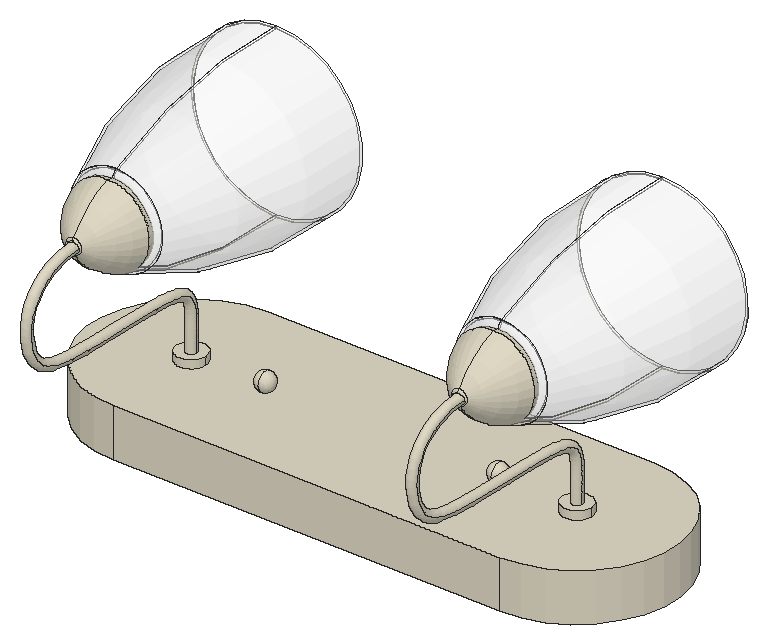
Revit family "P2707-09 2-100W MED BATH BRACKET", category Lighting Fixtures, host Face, Revit 2012
Parameters (values of type "P2707-09 2-100W MED BATH BRACKET")
  Wattage Comments = "13 W"  # constant formula
  URL = "http://www.progresslighting.com/"
  Product Page URL = "http://www.progresslighting.com/products.aspx?product=P2707-09"
  Product Documentation Link = "http://www.progresslighting.com/SpecSheets/P2707.pdf"
  Mounting = "Wall Mount"  # constant formula
  Model = "P2707-09"  # constant formula
  Manufacturer Phone = "864-678-1000"  # constant formula
  Manufacturer Fax = "864-678-1000"  # constant formula
  Manufacturer = "Progress Lighting"  # constant formula
  Lamp = "Two"  # constant formula
  Glass = Ethed Glass Shade
  Description = "Two-light bath"  # constant formula
  Default Elevation = 48"
  Back Plate = Plated Brushed Nickel
Reference planes (in)
  plane 1 "Center (Front/Back)": y = 0
  plane 2: z = 0
  plane 3 "Center (Left/Right)": x = 0
  plane 4: x = -6
  plane 5: x = 6
  plane 6: y = 2
  plane 7: y = -1.992
  plane 8: z = 1
Forms (in)
  Extrusion 1, solid, material "Plated Brushed Nickel" <- "Back Plate"
    sketch origin (0, 0.53536, 0) x (1, 0, 0) y (0, 1, 0)
      loop
        arc (-4.00504, 1.46464) -> (-6.00104, -0.53136) -> (-4.00504, -2.52735) r 1.996
        line (-4.00504, -2.52735) -> (4.00561, -2.52735)
        arc (4.00561, -2.52735) -> (6.00161, -0.53136) -> (4.00561, 1.46464) r 1.996
        line (4.00561, 1.46464) -> (-4.00504, 1.46464)
    from 0 to 1
  Revolve 2, solid, material "Plated Brushed Nickel" <- "Back Plate"
    sketch origin (-2.41708, -180.03683, 0.97298) x (0, 0, -1) y (0, 1, 0)
      loop
        arc (0, 180) -> (-0.1875, 180.1875) -> (-0.375, 180) r 0.1875
        line (-0.375, 180) -> (0, 180)
      axis (-0.375, 180) -> (0, 180)
    angle from 0 to 360
  Revolve 3, solid, material "Plated Brushed Nickel" <- "Back Plate"
    sketch origin (2.41708, -180.03683, 0.97298) x (0, 0, -1) y (0, -1, 0)
      loop
        line (0, -180) -> (-0.375, -180)
        arc (-0.375, -180) -> (-0.1875, -180.1875) -> (0, -180) r 0.1875
      axis (-0.375, -180) -> (0, -180)
    angle from 0 to 360
Dimensions and locks (in)
  locked: plane 4 to plane 3 "Center (Left/Right)" at 6
  locked: plane 5 to plane 3 "Center (Left/Right)" at 6
  plane 6 to plane 1 "Center (Front/Back)" = 2"
  plane 4 to plane 3 "Center (Left/Right)" = 6"
  locked: plane 8 to plane 2 at 1
  Extrusion 1 sketch curve to plane 4 = 1.99496"
  Extrusion 1 sketch curve to plane 1 "Center (Front/Back)" = 2"
  Extrusion 1 sketch curve to Extrusion 1 sketch curve = 8.01065"  (x2)
  plane 7 to Extrusion 1 sketch curve = 3.992"
  plane 1 "Center (Front/Back)" to Extrusion 1 = 2"  (x2)
  locked: plane 1 "Center (Front/Back)" to Extrusion 1 at 2
  locked: nested 1 to plane 3 "Center (Left/Right)" at 4  (x3)
  locked: nested 2 to plane 5 at 2  (x2)
  locked: nested 1 to plane 4 at 2
  plane 5 to nested 2 = 2"
  locked: plane 6 to Extrusion 1 sketch curve at 3.992
  locked: plane 1 "Center (Front/Back)" to nested 2 at 1.0582
  plane 1 "Center (Front/Back)" to nested 1 = 1.0582"
  nested 2 to plane 5 = 2"
  locked: nested 1 to plane 1 "Center (Front/Back)" at 1.0582
  locked: nested 2 to plane 1 "Center (Front/Back)" at 1.0582
  radius of Extrusion 1 sketch curve = 1.996"  (x2)
  aligned and locked: plane 2 to host face
  aligned and locked: level to host face
  aligned and locked: plane 8 to Extrusion 1
  aligned and locked: Extrusion 1 to host face
  aligned and locked: plane 6 to Extrusion 1 sketch curve
  aligned and locked: plane 7 to Extrusion 1 sketch curve
Nested families (in)
  nested 1: "P2706" at (-4, -1.0582, 1), type "P2706"
  nested 2: "P2706" at (4, -1.0582, 1), type "P2706"
Connectors (in)
  electrical at (0, 0.53536, 0)
    settings: on Extrusion 1, index 1, voltage 0 V, apparent load 0 VA, apparent load phase1 0 VA, apparent load phase2 0 VA, apparent load phase3 0 VA, power factor 1, load classification "Other", number of poles 1, system type 31, power factor state 1, is connector primary yes, connector utility no, sub classification motor no, connector description ""
Definition of nested family "P2706"
  Parameters (values of type "P2706")
    Wattage = 9.2903 W
    built-in parameter 1150110 = 1 (stored number, unit not read)
    built-in parameter 1114217 = 1 (stored number, unit not read)
    built-in parameter 1150109 = 1 (stored number, unit not read)
    built-in parameter 1150134 = 3
    built-in parameter 1150113 = 1 (stored number, unit not read)
    built-in parameter 1150105 = 109.82 (stored number, unit not read)
    Lumens = 1380 lm
    built-in parameter 1150115 = 1 (stored number, unit not read)
    Light Source Symbol Size = 3"
    built-in parameter 1150137 = (empty or 0)
    built-in parameter 1150139 = (empty or 0)
    built-in parameter 1150112 = 1 (stored number, unit not read)
    built-in parameter 1150114 = 1 (stored number, unit not read)
    built-in parameter 1150132 = (empty or 0)
    built-in parameter 1150102 = (empty or 0)
    built-in parameter 1150107 = 3200 (stored number, unit not read)
    built-in parameter 1150138 = (empty or 0)
    built-in parameter 1150106 = 1.0982 (stored number, unit not read)
    Glass = Ethed Glass Shade
    built-in parameter 1150104 = 13.8 (stored number, unit not read)
    Dimming Lamp Color Temperature Shift = (empty or 0)
    Default Elevation = 48"
    Color Filter = 16777215
    built-in parameter 1114218 = 1 (stored number, unit not read)
    Back Plate = none
    built-in parameter 1150133 = 10 (stored number, unit not read)
  Reference planes (in)
    plane 1 "Center (Front/Back)": y = 0
    plane 2: z = -1.32579
    plane 3 "Center (Left/Right)": x = 0
    plane 4: z = 5.17421
    plane 5: z = 1.83809
    plane 6: y = -0.97098
    plane 7: z = 5.16387
    plane 8: z = 3.42421
  Forms (in)
    Extrusion 1, solid
      sketch origin (0, 0, 0) x (1, 0, 0) y (0, 1, 0)
        loop
          line (-48, 48) -> (-48, -48) -> (48, -48) -> (48, 48) -> (-48, 48)
      from -1.32579 to -12
    Extrusion 2, solid, material <- "Back Plate"
      sketch origin (0, 0.05805, 0) x (-1, 0, 0) y (0, -1, 0)
        loop
          circle (-0.01972, -0.99512) r 0.3
      from 0 to 0.16387
    Sweep 3, solid, material <- "Back Plate"
      path origin (0, 0.1246, 0) x (0, -1, 0) y (0, 0, 1)
        loop
          spline (-0.92936, 0.16387) -> (-0.9305, 0.83136) -> (-0.73341, 1.28118) -> (-0.14975, 1.40768) -> (0.57246, 1.42309) -> (1.27196, 1.42516) -> (1.8772, 1.42987) -> (2.42911, 1.46258) -> (2.93419, 1.60051) -> (3.27733, 2.01163) -> (3.31266, 2.65062) -> (2.88802, 3.20254) -> (2.09345, 3.42421)
      profile origin (0, -1.7526, 1.42987) x (0, 0.024605, 0.999697) y (-1, 0, 0)
        loop
          circle (0, -0.02216) r 0.10287
    Revolve 4, solid, material "Ethed Glass Shade" <- "Glass"
      sketch origin (0, -0.12045, -1.32579) x (0, -1, 0) y (0, 0, 1)
        loop
          arc (-3.42574, 2.96847) -> (-1.28591, 3.09533) -> (0.74175, 3.79073) r 7.92917
          arc (0.74175, 3.79073) -> (0.82115, 3.86355) -> (0.85053, 3.96719) r 0.19752
          line (0.85053, 3.96719) -> (0.85053, 4.75) -> (0.80053, 4.75) -> (0.80053, 3.96826)
          arc (0.80053, 3.96826) -> (0.77833, 3.88993) -> (0.71832, 3.83491) r 0.14926
          arc (0.71832, 3.83491) -> (-1.298, 3.14391) -> (-3.42574, 3.01862) r 7.87917
          line (-3.42574, 3.01862) -> (-3.42574, 2.96847)
        axis (0.85053, 4.75) -> (-3.42574, 4.75)
      angle from 0 to 360
    Revolve 5, solid, material <- "Back Plate"
      sketch origin (0, -0.10456, 0) x (0, -1, 0) y (0, 0, 1)
        loop
          line (1.9006, 3.42421) -> (0.86641, 3.42421) -> (0.86641, 2.59003) -> (0.97372, 2.571)
          arc (0.97372, 2.571) -> (1.47824, 2.84497) -> (1.86429, 3.2699) r 1.71757
          arc (1.86429, 3.2699) -> (1.89041, 3.28636) -> (1.9006, 3.3155) r 0.04679
          line (1.9006, 3.3155) -> (1.9006, 3.42421)
        axis (1.9006, 3.42421) -> (0.86641, 3.42421)
      angle from 0 to 360
  Lines and regions (in)
    model lines
      curve 1: line (0, -2.00516, 3.42463) -> (0, -2.00516, 3.3155)
      curve 2: arc (0, -2.00516, 3.3155) -> (0, -2.01535, 3.28636) -> (0, -2.04147, 3.2699) r 0.04679
  Dimensions and locks (in)
    plane 5 to plane 4 = 3.33613"
    Extrusion 1 to plane 4 = 6.5"
    radius of Extrusion 2 sketch curve = 0.3"
    aligned and locked: plane 2 to Extrusion 1
    aligned and locked: Extrusion 2 to level
    aligned and locked: plane 3 "Center (Left/Right)" to imposter light
    aligned and locked: plane 6 to Revolve 4 sketch curve
    aligned and locked: plane 8 to Sweep 3
    aligned and locked: Revolve 5 sketch curve to curve 1
    aligned and locked: Revolve 5 sketch curve to plane 8
    aligned and locked: Revolve 5 sketch curve to Revolve 5 sketch curve
    aligned and locked: plane 8 to Sweep 3 sketch curve
    aligned and locked: Sweep 3 sketch curve to Extrusion 2
    aligned and locked: imposter light to plane 8
